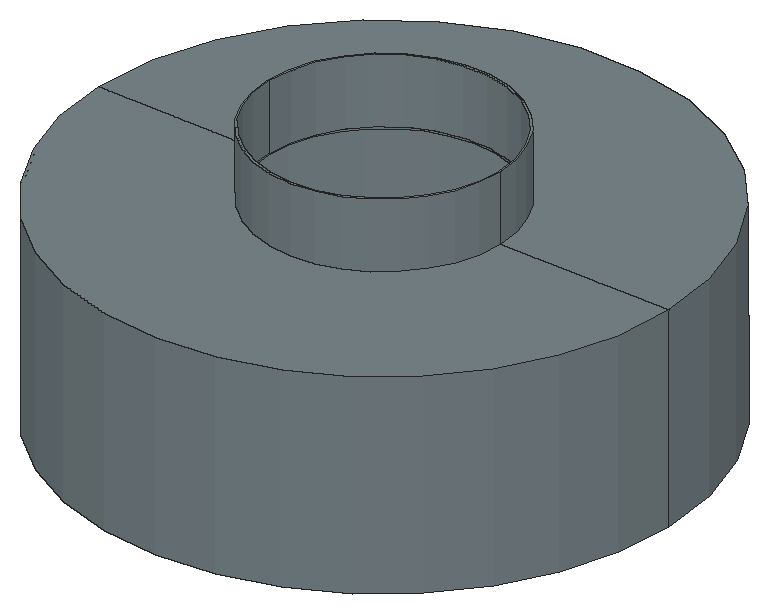
Revit family "Diffuser_C-Series_Straight-Round", category Air Terminals, Revit 2016
Family settings
  Part Type = Normal
  Round Connector Dimension = Use Diameter
  OmniClass Number = 23.75.70.21.27.11
  OmniClass Title = Diffusers, Registers, and Grilles
  Work Plane-Based = No
  Always vertical = No
  Cut with Voids When Loaded = No
  Shared = No
  Room Calculation Point = No
Parameters (values of type "5 Ton")
  URL = "https://www.ductsox.com/media-download/C-Series_Diffuser_Product_Data_Sheet"
  TopRad = Top Diameter / 2  # 1' - 10"
  Top Diameter = 3' - 8"
  Thickness = 0' - 0 1/8"
  Model = "C-Series Diffuser - 5 Ton"
  Max Flow = 2000 CFM
  Manufacturer = "DuctSox"
  Keynote = "23 37 00"
  ID = Inlet Size - Thickness * 2  # 1' - 5 3/4"
  Diffuser Material = Polyester Fabric
  Inlet Size = 1' - 6"
  Diffuser Height = 1' - 3"
  Description = "Fabric Duct Diffuser - 5 Ton"
  Assembly Code = "D3040100"
Types (6): name | TopRad | Top Diameter | Model | Max Flow | ID | Inlet Size | Description
  30 Ton | 3' - 3" | 6' - 6" | "C-Series Diffuser - 30 Ton" | 12000 CFM | 3' - 5 3/4" | 3' - 6" | "Fabric Duct Diffuser - 30 Ton"
  25 Ton | 3' - 0" | 6' - 0" | "C-Series Diffuser - 25 Ton" | 10000 CFM | 3' - 1 3/4" | 3' - 2" | "Fabric Duct Diffuser - 25 Ton"
  20 Ton | 2' - 9" | 5' - 6" | "C-Series Diffuser - 20 Ton" | 8000 CFM | 2' - 9 3/4" | 2' - 10" | "Fabric Duct Diffuser - 20 Ton"
  15 Ton | 2' - 6" | 5' - 0" | "C-Series Diffuser - 15 Ton" | 6000 CFM | 2' - 5 3/4" | 2' - 6" | "Fabric Duct Diffuser - 15 Ton"
  10 Ton | 2' - 2" | 4' - 4" | "C-Series Diffuser - 10 Ton" | 4000 CFM | 1' - 11 3/4" | 2' - 0" | "Fabric Duct Diffuser - 10 Ton"
  5 Ton | 1' - 10" | 3' - 8" | "C-Series Diffuser - 5 Ton" | 2000 CFM | 1' - 5 3/4" | 1' - 6" | "Fabric Duct Diffuser - 5 Ton"
Reference planes (in)
  plane 1 "Center (Front/Back)": y = 0
  plane 2: z = 0
  plane 3 "Center (Left/Right)": x = 0
  plane 4 "Diffuser Top": z = -5
  plane 5: z = -20
  plane 6: x = -22
  plane 7: x = 22
  plane 8: x = -9
  plane 9: x = 9
  plane 10: z = -10
  plane 11: z = -15
  plane 12: y = 22
  plane 13: y = -22
  plane 14: y = 9
  plane 15: y = -9
Forms (in)
  Revolve 1, solid, material "Polyester Fabric" <- "Diffuser Material"
    sketch origin (0, 0, -1) x (1, 0, 0) y (0, 0, 1)
      loop
        line (0, -19) -> (0, -18.875) -> (-21.875, -18.875) -> (-21.875, -4.125) -> (0, -4.125) -> (0, -4) -> (-22, -4) -> (-22, -19) -> (0, -19)
      axis (0, -4) -> (0, -19)
    angle from 0 to 360
  Extrusion 2, solid, material "Polyester Fabric" <- "Diffuser Material"
    sketch origin (0, 0, -4) x (-1, 0, 0) y (0, -1, 0)
      loop
        circle (0, 0) r 9
    from -1 to 4
  Extrusion 3, void
    sketch origin (0, 0, -5) x (-1, 0, 0) y (0, -1, 0)
      loop
        circle (0, 0) r 8.875
    from -5 to 5
Cuts and joins
  Extrusion 3 cuts Revolve 1
  Extrusion 3 cuts Extrusion 2
Dimensions and locks (in)
  equal spacing: plane 7, plane 3 "Center (Left/Right)", plane 6
  "Diffuser Height": plane 4 "Diffuser Top" to plane 5
  "Top Diameter": plane 7 to plane 6
  "Thickness": Revolve 1 sketch curve to plane 5
  "Thickness": plane 4 "Diffuser Top" to Revolve 1 sketch curve
  equal spacing: plane 9, plane 3 "Center (Left/Right)", plane 8
  "Inlet Size": plane 9 to plane 8
  equal spacing: plane 4 "Diffuser Top", plane 10, plane 11, plane 5
  equal spacing: plane 13, plane 1 "Center (Front/Back)", plane 12
  "Top Diameter": plane 13 to plane 12
  equal spacing: plane 14, plane 1 "Center (Front/Back)", plane 15
  "Inlet Size": plane 14 to plane 15
  locked: level to plane 4 "Diffuser Top" at 5
  "Thickness": Revolve 1 sketch curve to plane 6
  "ID": diameter of Extrusion 3 sketch curve
  "Inlet Size": diameter of Extrusion 2 sketch curve
  aligned and locked: level to plane 2
  aligned and locked: plane 3 "Center (Left/Right)" to Revolve 1 sketch curve
  aligned and locked: Revolve 1 sketch curve to plane 3 "Center (Left/Right)"  (x2)
  aligned and locked: Revolve 1 sketch curve to plane 4 "Diffuser Top"
  aligned and locked: plane 5 to Revolve 1 sketch curve
  aligned and locked: plane 6 to Revolve 1 sketch curve  (x2)
  aligned and locked: Extrusion 2 to plane 4 "Diffuser Top"
  aligned and locked: level to Extrusion 2
  aligned and locked: Extrusion 3 to plane 10
  aligned and locked: level to Extrusion 3
  aligned and locked: plane 1 "Center (Front/Back)" to Extrusion 3 sketch curve
  aligned and locked: plane 3 "Center (Left/Right)" to Extrusion 3 sketch curve
  aligned and locked: plane 1 "Center (Front/Back)" to Extrusion 2 sketch curve
  aligned and locked: plane 3 "Center (Left/Right)" to Extrusion 2 sketch curve
Automatic sketch dimensions
  Revolve 1 sketch curve to plane 5 = 0' - 5"
  level to Revolve 1 sketch curve = 7' - 6.20035"
Connectors (in)
  hvac at (0, 0, -5), driven by "Inlet Size", driven by "Inlet Size", driven by "Max Flow", driven by "Inlet Size"
    settings: on Extrusion 2, index 1, duct flow 2000 CFM, flow factor 0, pres drop 0.00 in-wg, loss coef 0, conn angle 0.00°, conn width 18", conn height 18", conn diameter 18", duct sys type 1, conn prof type 0, flow config 0, flow direction 2, loss method 0, conn ref index -1, conn util no, is conn primary yes, conn desc ""
